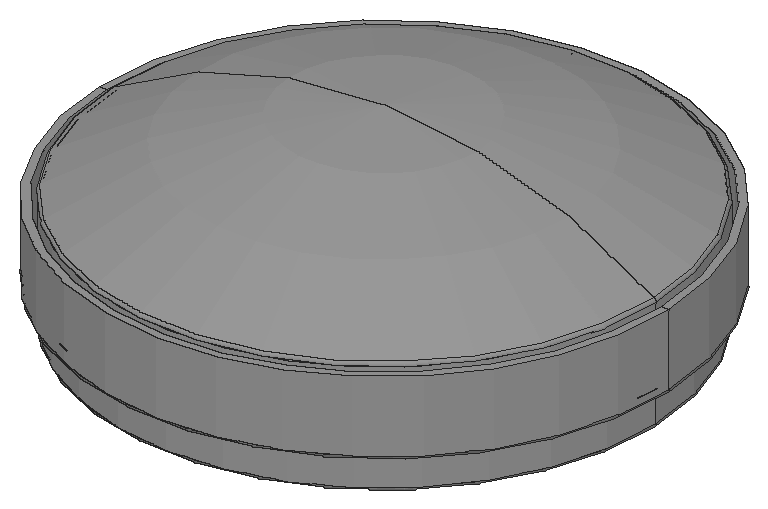
Revit family "3034793 Sylvania Lighting Fixture GIOTTO305 LED G2 3000K SURFACE DALI EMERGENCY", category Lighting Fixtures, host Face, Revit 2016
Family settings
  Host = Face
  Part Type = Normal
  Round Connector Dimension = Use Diameter
  OmniClass Number = 23.80.70.00
  OmniClass Title = Lighting
  Cut with Voids When Loaded = No
  Light Source = Yes
  Shared = No
  Room Calculation Point = No
Parameters (values of type "3034793 GIOTTO305 LED G2 3000K SURFACE DALI EMERGENCY Emergency mode")
  Weight = "1.41 kg"
  Wattage Comments = ""
  Wattage = 20 W
  WarrantyStartDate [instance] = "n/a"
  WarrantyGuarantorParts = "n/a"
  WarrantyDurationUnit = "n/a"
  WarrantyDurationParts = "n/a"
  WarrantyDescription = "n/a"
  built-in parameter 1150110 = 1 (stored number, unit not read)
  Voltage = 0 V
  URL = "http://www.sylvania-lighting.com"
  TypeName = "GIOTTO305 LED G2 3000K SURFACE DALI EMERGENCY Emergency mode"
  Type Image = <None>
  Type Comments = "n/a"
  built-in parameter 1114217 = 1 (stored number, unit not read)
  Tilt Angle = -90.00°
  built-in parameter 1150109 = 1 (stored number, unit not read)
  built-in parameter 1150134 = (empty or 0)
  built-in parameter 1150113 = 1 (stored number, unit not read)
  SerialNumber [instance] = "n/a"
  Photometric Web File = ""
  built-in parameter 1150142 = (empty or 0)
  Material_3_SYL = LED-Sylvania
  PowerFactor = 0
  PowerConsumption = "20 W"
  NominalLength = 305 mm
  NominalHeight = 104 mm
  NominalDepth = 305 mm
  Name = "GIOTTO305 LED G2 3000K SURFACE DALI EMERGENCY Emergency mode"
  ModelReference = Name  # "GIOTTO305 LED G2 3000K SURFACE DALI EMERGENCY Emergency mode"
  ModelNumber = "3034793"
  Model = Name  # "GIOTTO305 LED G2 3000K SURFACE DALI EMERGENCY Emergency mode"
  Material = "polycarbonate housing, polycarbonate diffuser"
  ManufacturerName = "Feilo Sylvania"
  Manufacturer = "Feilo Sylvania"
  LuminousEfficacy = ""
  built-in parameter 1150105 = (empty or 0)
  Lumens = 0 lm
  LuminaireType = ""
  built-in parameter 1150115 = 1 (stored number, unit not read)
  LightOutputRatio = "n/a"
  built-in parameter 1150137 = (empty or 0)
  built-in parameter 1150139 = (empty or 0)
  LampsType = Lamp  # "LED"
  LampNominalLuminous = ""
  LampMacAdamStep = "n/a"
  LampColourTemperature = "3000 K"
  LampColourRenderingIndex = "80"
  built-in parameter 1150112 = 1 (stored number, unit not read)
  built-in parameter 1150114 = 1 (stored number, unit not read)
  Lamp = "LED"
  Keynote = "16500"
  InstallationDate [instance] = "n/a"
  InputVoltage = "n/a"
  InputNominalFrequency = "n/a"
  built-in parameter 1150132 = (empty or 0)
  built-in parameter 1150102 = (empty or 0)
  built-in parameter 1150107 = 3000 (stored number, unit not read)
  built-in parameter 1150138 = (empty or 0)
  IngressProtection = "IP44"
  ImpactProtectionIndex = "IK10"
  built-in parameter 1150106 = 6.8538 (stored number, unit not read)
  IfcExportType = "IfcLightFixtureType"
  IfcExportAs = "IfcLightFixtureType"
  Height_SYL = 104 mm
  ExpectedLife = 50000
  Emit from Circle Diameter = 317 mm
  Emit Shape Visible in Rendering = no
  ElectricShockClassification = "Class I"
  built-in parameter 1150104 = (empty or 0)
  DurationUnit = "hours"
  DocumentationLiterature = "http://www.sylvania-lighting.com/product/en-int/products/3034793"
  DimmingControlOptions = "n/a"
  Material_2_SYL = Polycarbonate_Sylvania_Giotto_Opal
  Dimming Lamp Color Temperature Shift = <None>
  DiffuserRadius_SYL = 282.611 mm
  Diameter_SYL = 305 mm
  Description = "Ambient and decorative round, surface mounted LED bulkhead luminaire. White robust polycarbonate body with opal diffuser, 1490 lm, 20W, 75lm/W, 3000K, CRI 80, DALI, integral 3 hour maintained emergency, 50,000 hours lumen maintenance. Drive current: 700mA, IP44, IK10, Class I, 220-240V, Energy class: A++, A+, A."
  Default Elevation = 1219.2 mm
  CreatedOn = "11/7/2018"
  CreatedBy = "@sylvania-lighting.com"
  Cost = 0
  Color Filter = 16777215
  built-in parameter 1114216 [instance] = (empty or 0)
  ClassificationValue = "EF_70_80"
  ClassificationName = "Uniclass2015"
  Material_1_SYL = Polycarbonate_Sylvania_Giotto_White
  BarCode [instance] = "n/a"
  built-in parameter 1114218 = 1 (stored number, unit not read)
  built-in parameter 1150133 = 10 (stored number, unit not read)
  AssetType = "Fixed"
  AssetIdentifier [instance] = "n/a"
  Assembly Code = "D5020200"
  Apparent Load = 20 VA
  Material_4_SYL = none
Types (2, lengths in mm): name | TypeName | Photometric Web File | built-in parameter 1150142 | Name | ModelReference | Model | LuminousEfficacy | built-in parameter 1150105 | Lumens | LampNominalLuminous | built-in parameter 1150106 | built-in parameter 1150104
  3034793 GIOTTO305 LED G2 3000K SURFACE DALI EMERGENCY Emergency mode | "GIOTTO305 LED G2 3000K SURFACE DALI EMERGENCY Emergency mode" | "" | (empty or 0) | "GIOTTO305 LED G2 3000K SURFACE DALI EMERGENCY Emergency mode" | "GIOTTO305 LED G2 3000K SURFACE DALI EMERGENCY Emergency mode" | "GIOTTO305 LED G2 3000K SURFACE DALI EMERGENCY Emergency mode" | "" | (empty or 0) | 0 lm | "" | 6.8538 (stored number, unit not read) | (empty or 0)
  3034793 GIOTTO305 LED G2 3000K SURFACE DALI EMERGENCY | "GIOTTO305 LED G2 3000K SURFACE DALI EMERGENCY" | "3034793.ies" | "IESNA:LM-63-2002\r\n[TEST] \r\n[TESTLAB]\r\n[MANUFAC] \r\n[LUMCAT]\r\n[LUMINAIRE] \"GIOTTO305 SUR LED WW DALI E3  G2\" /3000 \r\n[LAMP] LED/3000\r\n[BALLAST] \r\n[ISSUEDATE]\r\n[OTHER] B-Angle = 0.00 B-Tilt = 0.00 2018-01-23\r\nTILT=NONE\r\n1 1490.00 1 37 1 1 2 -0.305 -0.305 0.000\r\n1.0 1.0 20.00\r\n   0.00   5.00  10.00  15.00  20.00  25.00  30.00  35.00  40.00  45.00\r\n  50.00  55.00  60.00  65.00  70.00  75.00  80.00  85.00  90.00  95.00\r\n 100.00 105.00 110.00 115.00 120.00 125.00 130.00 135.00 140.00 145.00\r\n 150.00 155.00 160.00 165.00 170.00 175.00 180.00\r\n   0.00\r\n     450.98     449.61     444.90     436.23     423.17     406.76     386.85\r\n     363.84     337.78     309.55     278.93     246.74     214.05     181.24\r\n     149.85     120.38      93.74      70.42      50.42      34.12      21.46\r\n      12.35       6.33       3.28       2.13       1.74       1.58       1.45\r\n       1.40       1.67       2.91       4.99       6.99       8.20       8.78\r\n       9.52      10.09\r\n" | "GIOTTO305 LED G2 3000K SURFACE DALI EMERGENCY" | "GIOTTO305 LED G2 3000K SURFACE DALI EMERGENCY" | "GIOTTO305 LED G2 3000K SURFACE DALI EMERGENCY" | "75 lm/W" | 119.37 (stored number, unit not read) | 1500 lm | "1490 lm" | 1.1937 (stored number, unit not read) | 6.9677 (stored number, unit not read)
Reference planes
  plane 1 "Center (Front/Back)": y = 0
  plane 2: z = 0
  plane 3 "Center (Left/Right)": x = 0
  plane 4: x = 152.5
  plane 5: x = -152.5
  plane 6: x = -145.5
  plane 7: x = -148.5
  plane 8: z = 104
  plane 9: z = 59
  plane 10: z = 19
  plane 11: z = 24
  plane 12: x = -150.9
  plane 13: z = 20.6
  plane 14: z = 1.6
  plane 15: x = -143.9
  plane 16: z = 18
  plane 17: x = -146.5
  plane 18: z = 25
  plane 19: z = 61
Forms (mm)
  Revolve 1, solid, material "Polycarbonate_Sylvania_Giotto_White" <- "Material_1_SYL"
    sketch origin (0, 0, 0) x (1, 0, 0) y (0, 0, 1)
      loop
        line (0, 0) -> (0, 25) -> (-143.9, 25) -> (-143.9, 24) -> (-148.5, 24) -> (-148.5, 59) -> (-152.5, 59) -> (-152.5, 20.6)
        arc (-152.5, 20.6) -> (-152.031, 19.469) -> (-150.9, 19) r 1.6
        line (-150.9, 19) -> (-146.5, 19)
        arc (-146.5, 19) -> (-145.793, 18.707) -> (-145.5, 18) r 1
        line (-145.5, 18) -> (-145.5, 1.6)
        arc (-145.5, 1.6) -> (-145.031, 0.469) -> (-143.9, 0) r 1.6
        line (-143.9, 0) -> (0, 0)
      axis (0, 59) -> (0, 0)
    angle from 360 to 0
  Revolve 2, solid, material "Polycarbonate_Sylvania_Giotto_Opal" <- "Material_2_SYL"
    sketch origin (0, 0, 0) x (1, 0, 0) y (0, 0, 1)
      loop
        line (-145.5, 24) -> (-143.9, 24) -> (-143.9, 59.636)
        arc (-143.9, 59.636) -> (-143.79, 60.068) -> (-143.485, 60.394) r 0.9
        arc (-143.485, 60.394) -> (-74.754, 91.683) -> (0, 102.4) r 266.066
        line (0, 102.4) -> (0, 104)
        arc (0, 104) -> (-75.203, 93.218) -> (-144.348, 61.742) r 267.666
        arc (-144.348, 61.742) -> (-145.193, 60.836) -> (-145.5, 59.636) r 2.5
        line (-145.5, 59.636) -> (-145.5, 24)
      axis (0, 104) -> (0, 24)
    angle from 360 to 0
Dimensions and locks
  equal spacing: plane 4, plane 3 "Center (Left/Right)", plane 5
  "Diameter_SYL": plane 4 to plane 5
  locked: plane 6 to plane 5 at 7
  locked: plane 7 to plane 5 at 4
  "Height_SYL": plane 8 to plane 2
  locked: plane 8 to plane 9 at 45
  locked: plane 9 to plane 10 at 40
  Revolve 1 sketch curve to Revolve 1 sketch curve = 4.4 mm
  locked: plane 11 to plane 10 at 5
  locked: plane 12 to plane 5 at 1.6
  locked: plane 13 to plane 10 at 1.6
  locked: plane 14 to plane 2 at 1.6
  locked: plane 15 to plane 6 at 1.6
  locked: plane 6 to plane 17 at 1
  locked: plane 10 to plane 16 at 1
  locked: plane 18 to plane 11 at 1
  locked: plane 19 to plane 9 at 2
  aligned and locked: plane 2 to host face
  aligned and locked: level to host face
  aligned and locked: Revolve 1 sketch curve to plane 3 "Center (Left/Right)"
  aligned and locked: level to Revolve 1 sketch curve
  aligned and locked: Revolve 1 sketch curve to plane 10
  aligned and locked: plane 9 to Revolve 1 sketch curve
  aligned and locked: Revolve 1 sketch curve to plane 7
  aligned and locked: plane 12 to Revolve 1 sketch curve  (x2)
  aligned and locked: plane 13 to Revolve 1 sketch curve  (x2)
  aligned and locked: plane 15 to Revolve 1 sketch curve  (x3)
  aligned and locked: plane 14 to Revolve 1 sketch curve  (x2)
  aligned and locked: plane 3 "Center (Left/Right)" to imposter light
  aligned and locked: imposter light to plane 1 "Center (Front/Back)"
  aligned and locked: plane 18 to Revolve 1 sketch curve
  aligned and locked: plane 11 to Revolve 1 sketch curve
  aligned and locked: imposter light to plane 8
  aligned and locked: plane 6 to Revolve 1 sketch curve
  aligned and locked: plane 17 to Revolve 1 sketch curve
  aligned and locked: plane 16 to Revolve 1 sketch curve
  aligned and locked: Revolve 2 sketch curve to plane 3 "Center (Left/Right)"
  aligned and locked: plane 6 to Revolve 2 sketch curve
  aligned and locked: plane 3 "Center (Left/Right)" to Revolve 2 sketch curve
  aligned and locked: plane 11 to Revolve 2 sketch curve
  aligned and locked: Revolve 2 sketch curve to imposter light
Automatic sketch dimensions
  host sketch curve to host sketch curve = 2438.4 mm  (x2)
  Revolve 1 sketch curve to plane 3 "Center (Left/Right)" = 0 mm
  Revolve 1 sketch curve to level = 609.6 mm
  Revolve 1 sketch curve to plane 8 = 2499.058 mm
  Revolve 2 sketch curve to Revolve 2 sketch curve = 0 mm  (x4)
  Revolve 2 sketch curve to plane 15 = 0 mm
  Revolve 2 sketch curve to plane 8 = 0 mm
  plane 15 to Revolve 2 sketch curve = 0.9 mm
  Revolve 2 sketch curve to level = 163.666 mm
  Revolve 2 sketch curve to plane 9 = 0.636 mm
  Revolve 2 sketch curve to Revolve 2 sketch curve = 445.934 mm
  Revolve 2 sketch curve to plane 8 = 2505.058 mm
Connectors
  electrical at (0, 0, 0), driven by "Apparent Load", driven by "PowerFactor", driven by "Voltage"
    settings: index 1, voltage 0 V, apparent load 20 VA, apparent load phase1 0 VA, apparent load phase2 0 VA, apparent load phase3 0 VA, power factor 0, load classification "Lighting", number of poles 1, system type 30, power factor state 1, is connector primary yes, connector utility no, sub classification motor no, connector description ""
